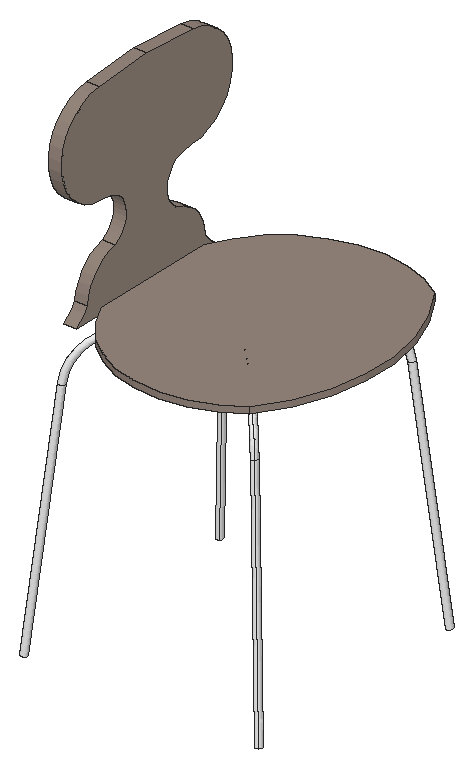
Revit family "Chair 2", category Furniture, Revit 2024
Family settings
  Work Plane-Based = No
  Enable Cutting in Views = No
  Always vertical = Yes
  Cut with Voids When Loaded = No
  Render Appearance Source = Family Geometry
  Shared = No
  Room Calculation Point = No
Parameters
  Keynote = "12600"
  Manufacturer = ""
  Default Elevation = 0 mm
  Bracket Material = Herman Miller - Finish 47 Trivalent Chrome
  Model = ""
  Cushion/Chair Back Material = Herman Miller - Veneer Z5 Maple
Reference planes
  plane 1 "Center F/B": y = -198.997
  plane 2: z = 0
  plane 3 "Center L/R": x = -1.022
Forms (mm)
  Sweep 1, solid, material "Herman Miller - Finish 47 Trivalent Chrome" <- "Bracket Material"
    path origin (61.052, -65.204, 45) x (0, 0, -1) y (0.707107, -0.707107, 0)
      loop
        line (45, -82.843) -> (-332.364, -36.508)
        arc (-332.364, -36.508) -> (-382.531, -10.114) -> (-402.615, 42.895) r 80
        line (-402.615, 42.895) -> (-402.615, 181.322)
    profile origin (18.855, -23.007, 188.682) x (-0.701836, 0.701836, 0.121869) y (-0.707107, -0.707107, 0)
      loop
        circle (0, 0) r 5
  Sweep 2, solid, material "Herman Miller - Finish 47 Trivalent Chrome" <- "Bracket Material"
    path origin (57.516, -325.168, 45) x (0, 0, -1) y (0.707107, 0.707107, 0)
      loop
        line (45, -82.843) -> (-332.364, -36.508)
        arc (-332.364, -36.508) -> (-382.531, -10.114) -> (-402.615, 42.895) r 80
        line (-402.615, 42.895) -> (-402.615, 181.322)
    profile origin (15.319, -367.364, 188.682) x (-0.701836, -0.701836, 0.121869) y (0.707107, -0.707107, 0)
      loop
        circle (0, 0) r 5
  Sweep 3, solid, material "Herman Miller - Finish 47 Trivalent Chrome" <- "Bracket Material"
    path origin (303.338, -65.204, 45) x (0, 0, -1) y (0.707107, 0.707107, 0)
      loop
        line (45, 82.843) -> (-332.364, 36.508)
        arc (-332.364, 36.508) -> (-382.531, 10.114) -> (-402.615, -42.895) r 80
        line (-402.615, -42.895) -> (-402.615, -181.322)
    profile origin (345.535, -23.007, 188.682) x (0.701836, 0.701836, 0.121869) y (-0.707107, 0.707107, 0)
      loop
        circle (0, 0) r 5
  Sweep 4, solid, material "Herman Miller - Finish 47 Trivalent Chrome" <- "Bracket Material"
    path origin (306.873, -325.168, 45) x (0, 0, -1) y (0.707107, -0.707107, 0)
      loop
        line (45, 82.843) -> (-332.364, 36.508)
        arc (-332.364, 36.508) -> (-382.531, 10.114) -> (-402.615, -42.895) r 80
        line (-402.615, -42.895) -> (-402.615, -181.322)
    profile origin (349.07, -367.364, 188.682) x (0.701836, -0.701836, 0.121869) y (0.707107, 0.707107, 0)
      loop
        circle (0, 0) r 5
  Extrusion 5, solid, material "Herman Miller - Veneer Z5 Maple" <- "Cushion/Chair Back Material"
    sketch origin (0, 0, 0) x (1, 0, 0) y (0, 1, 0)
      loop
        arc (340, -9.099) -> (152.776, 17.913) -> (32.728, -128.274) r 192.616
        line (32.728, -128.274) -> (32.728, -249.923)
        arc (32.728, -249.923) -> (152.776, -396.11) -> (340, -369.099) r 192.616
        arc (340, -369.099) -> (400.673, -189.099) -> (340, -9.099) r 297.34
    from 450 to 460
  Extrusion 6, solid, material "Herman Miller - Veneer Z5 Maple" <- "Cushion/Chair Back Material"
    sketch origin (390, -409.099, -27.081) x (0, 0, -1) y (0, 1, 0)
      loop
        arc (-498.809, 95.839) -> (-486.21, 86.065) -> (-477.081, 72.99) r 53.087
        line (-477.081, 72.99) -> (-477.081, 347.212)
        arc (-477.081, 347.212) -> (-486.21, 334.138) -> (-498.809, 324.364) r 53.087
        arc (-498.809, 324.364) -> (-539.073, 308.301) -> (-561.143, 270.989) r 67.175
        arc (-561.143, 270.989) -> (-601.737, 249.17) -> (-634.197, 281.887) r 38.521
        line (-634.197, 281.887) -> (-636.604, 298.938)
        arc (-636.604, 298.938) -> (-714.694, 376.726) -> (-796.127, 302.444) r 79.872
        line (-796.127, 302.444) -> (-802.584, 210.101) -> (-796.127, 117.759)
        arc (-796.127, 117.759) -> (-714.694, 43.477) -> (-636.604, 121.265) r 79.872
        line (-636.604, 121.265) -> (-634.197, 138.316)
        arc (-634.197, 138.316) -> (-601.737, 171.033) -> (-561.143, 149.213) r 38.521
        arc (-561.143, 149.213) -> (-539.073, 111.901) -> (-498.809, 95.839) r 67.175
    from -367.272 to -347.272
Dimensions and locks
  aligned and locked: plane 1 "Center F/B" to Extrusion 6
